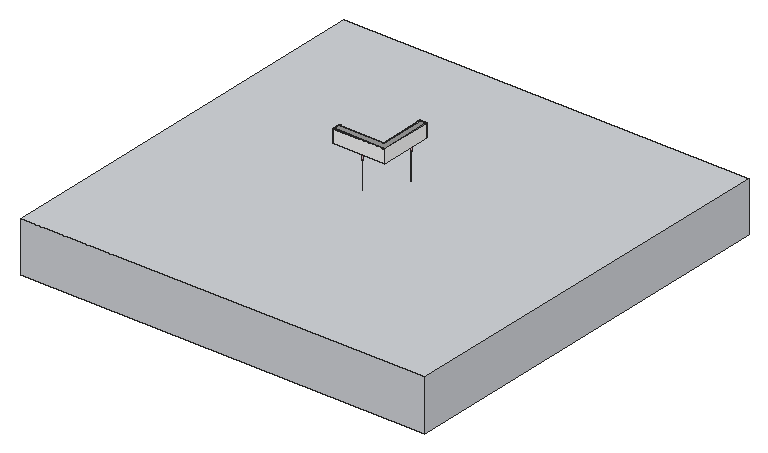
Revit family "LAMP_FIL 45 CORNER OPAL COMFORT SURFACE", category Luminarias, Revit 2018
Family settings
  Anfitrión = Cara
  Cota de conector redondo = Diámetro de uso
  Tipo de pieza = Normal
  Corte con vacíos al cargar = No
  Origen de luz = Sí
  Compartido = No
  Punto de cálculo de habitación = No
Parameters (values of type "1300LM 3000K  BLACK")
  Ángulo de inclinación = -90.00°
  Weight = 1.40 kg
  Wattage = 4.43 W
  Type = "MID POWER TRIDONIC"
  built-in parameter 1150107 = 3000 (stored number, unit not read)
  NOT COVER 2 [instance] = not(END COVER 2)  # no
  NOT COVER 1 [instance] = not(END COVER 1)  # no
  Indirect light = LAMP_FIL 45 CORNER OPAL COMFORT SURFACE_INDIRECT : 1300LM 3000K  BLACK
  END COVER 2 [instance] = yes
  END COVER 1 [instance] = yes
  Suspension distance [instance] = if(Suspension > 4000 mm, 4000 mm, if(Suspension < 1 mm, 1 mm, Suspension))  # 200 mm
  Suspension [instance] = 200 mm
  built-in parameter 1150110 = 1 (stored number, unit not read)
  built-in parameter 1150109 = 1 (stored number, unit not read)
  built-in parameter 1150112 = 1 (stored number, unit not read)
  built-in parameter 1150113 = 1 (stored number, unit not read)
  built-in parameter 1114218 = 1 (stored number, unit not read)
  Protection rating = "IP20 / IK07"
  Product datasheet = "http://www.lamp.es/product-files/TECH/F41SFCRMOPR830NB-EN.pdf"
  Product code = "F41SFCRMOPR830NB"
  Product URL = "https://www.lamp.es/en/family/fil-45_413951"
  Power Supply = "220-240V 50/60Hz"
  Power = 8 W
  Plum = 9.3 W
  Photobiological risk = ""
  built-in parameter 1150137 = (empty or 0)
  built-in parameter 1150132 = 2
  Modelo = Product code  # "F41SFCRMOPR830NB"
  Model Explanation = ""
  Material suspension = LAMP_Acero genérico
  Material perfil = LAMP_Aluminio Perfil Fil NG
  Material difusor = LAMP_PC Difusor Opal Fil
  Manufacturer name = "LAMP"
  Manufacturer country = "Spain"
  Manufacturer URL = "http://www.lamp.es/en"
  MacAdam = "3"
  Last update = "14/04/2021"
  Lamp = "MID-POWER LED"
  LED Lifetime = "70.000 L80 B10"
  built-in parameter 1150105 = 33.212 (stored number, unit not read)
  built-in parameter 1150102 = (empty or 0)
  Insulation class = "I"
  Installation instructions = "https://www.lamp.es/product-files/INS/1004580-C%20INSTR.%20FIL45.pdf"
  built-in parameter 1150106 = 0.33212 (stored number, unit not read)
  IEE = "A+"
  Gear = "Electronic"
  Lumens = 417.35 lm
  Finish = "Matte black RAL 9011"
  Color Filter = 16777215
  built-in parameter 1114217 = 1 (stored number, unit not read)
  built-in parameter 1150139 = (empty or 0)
  Fabricante = Manufacturer name  # "LAMP"
  Default Elevation = 1219.2 mm
  built-in parameter 1150104 = 8.7524 (stored number, unit not read)
  Efficacy = 89.77 lm/W
  Dimensions = "313x313"
  Descripción = "FIL45 CORNER SUR 1300 WW OP COMF BK."
  built-in parameter 1150115 = 1 (stored number, unit not read)
  built-in parameter 1150114 = 1 (stored number, unit not read)
  built-in parameter 1150138 = (empty or 0)
  built-in parameter 1150134 = 3
  Dimming Lamp Color Temperature Shift = (empty or 0)
  CRI = "80"
  Archivo de red fotométrica = "F41SFCRMOPR830NB.IES"
  built-in parameter 1150133 = 10 (stored number, unit not read)
Types (12, lengths in mm): name | built-in parameter 1150107 | Indirect light | Product datasheet | Product code | Plum | Modelo | Material perfil | built-in parameter 1150105 | built-in parameter 1150106 | Lumens | Finish | built-in parameter 1150104 | Efficacy | Descripción | Archivo de red fotométrica
  1300LM 3000K DALI BLACK | 3000 (stored number, unit not read) | LAMP_FIL 45 CORNER OPAL COMFORT SURFACE_INDIRECT : 1300LM 3000K  BLACK | "http://www.lamp.es/product-files/TECH/F41SFCRMOPR830DB-EN.pdf" | "F41SFCRMOPR830DB" | 9.6 W | "F41SFCRMOPR830DB" | LAMP_Aluminio Perfil Fil NG | 33.212 (stored number, unit not read) | 0.33212 (stored number, unit not read) | 417.35 lm | "Matte black RAL 9011" | 8.7524 (stored number, unit not read) | 86.96 lm/W | "FIL45 CORNER SUR 1300 WW OP COMF DALI BK" | "F41SFCRMOPR830NB.IES"
  1300LM 3000K DALI GREY | 3000 (stored number, unit not read) | LAMP_FIL 45 CORNER OPAL COMFORT SURFACE_INDIRECT : 1300LM 3000K  BLACK | "http://www.lamp.es/product-files/TECH/F41SFCRMOPR830DG-EN.pdf" | "F41SFCRMOPR830DG" | 9.6 W | "F41SFCRMOPR830DG" | LAMP_Aluminio Perfil Fil GR | 33.212 (stored number, unit not read) | 0.33212 (stored number, unit not read) | 417.35 lm | "Gloss grey" | 8.7524 (stored number, unit not read) | 86.96 lm/W | "FIL45 CORNER SUR 1300 WW OP COMF DALI GR" | "F41SFCRMOPR830NG.IES"
  1300LM 3000K DALI WHITE | 3000 (stored number, unit not read) | LAMP_FIL 45 CORNER OPAL COMFORT SURFACE_INDIRECT : 1300LM 3000K  BLACK | "http://www.lamp.es/product-files/TECH/F41SFCRMOPR830DW-EN.pdf" | "F41SFCRMOPR830DW" | 9.6 W | "F41SFCRMOPR830DW" | LAMP_Aluminio Perfil Fil BL | 33.212 (stored number, unit not read) | 0.33212 (stored number, unit not read) | 417.35 lm | "Matte white RAL 9010" | 8.7524 (stored number, unit not read) | 86.96 lm/W | "FIL45 CORNER SUR 1300 WW OP COMF DALI WH" | "F41SFCRMOPR830NW.IES"
  1300LM 3000K  BLACK | 3000 (stored number, unit not read) | LAMP_FIL 45 CORNER OPAL COMFORT SURFACE_INDIRECT : 1300LM 3000K  BLACK | "http://www.lamp.es/product-files/TECH/F41SFCRMOPR830NB-EN.pdf" | "F41SFCRMOPR830NB" | 9.3 W | "F41SFCRMOPR830NB" | LAMP_Aluminio Perfil Fil NG | 33.212 (stored number, unit not read) | 0.33212 (stored number, unit not read) | 417.35 lm | "Matte black RAL 9011" | 8.7524 (stored number, unit not read) | 89.77 lm/W | "FIL45 CORNER SUR 1300 WW OP COMF BK." | "F41SFCRMOPR830NB.IES"
  1300LM 3000K  GREY | 3000 (stored number, unit not read) | LAMP_FIL 45 CORNER OPAL COMFORT SURFACE_INDIRECT : 1300LM 3000K  BLACK | "http://www.lamp.es/product-files/TECH/F41SFCRMOPR830NG-EN.pdf" | "F41SFCRMOPR830NG" | 9.3 W | "F41SFCRMOPR830NG" | LAMP_Aluminio Perfil Fil GR | 33.212 (stored number, unit not read) | 0.33212 (stored number, unit not read) | 417.35 lm | "Gloss grey" | 8.7524 (stored number, unit not read) | 89.77 lm/W | "FIL45 CORNER SUR 1300 WW OP COMF GR." | "F41SFCRMOPR830NG.IES"
  1300LM 3000K  WHITE | 3000 (stored number, unit not read) | LAMP_FIL 45 CORNER OPAL COMFORT SURFACE_INDIRECT : 1300LM 3000K  BLACK | "http://www.lamp.es/product-files/TECH/F41SFCRMOPR830NW-EN.pdf" | "F41SFCRMOPR830NW" | 9.3 W | "F41SFCRMOPR830NW" | LAMP_Aluminio Perfil Fil BL | 33.212 (stored number, unit not read) | 0.33212 (stored number, unit not read) | 417.35 lm | "Matte white RAL 9010" | 8.7524 (stored number, unit not read) | 89.77 lm/W | "FIL45 CORNER SUR 1300 WW OP COMF WH." | "F41SFCRMOPR830NW.IES"
  1300LM 4000K DALI BLACK | 4000 (stored number, unit not read) | LAMP_FIL 45 CORNER OPAL COMFORT SURFACE_INDIRECT : 1300LM 4000K  BLACK | "http://www.lamp.es/product-files/TECH/F41SFCRMOPR840DB-EN.pdf" | "F41SFCRMOPR840DB" | 9.6 W | "F41SFCRMOPR840DB" | LAMP_Aluminio Perfil Fil NG | 34.854 (stored number, unit not read) | 0.34854 (stored number, unit not read) | 437.994 lm | "Matte black RAL 9011" | 9.1853 (stored number, unit not read) | 91.35 lm/W | "FIL45 CORNER SUR 1300 NW OP COMF DALI BK" | "F41SFCRMOPR840NB.IES"
  1300LM 4000K DALI GREY | 4000 (stored number, unit not read) | LAMP_FIL 45 CORNER OPAL COMFORT SURFACE_INDIRECT : 1300LM 4000K  BLACK | "http://www.lamp.es/product-files/TECH/F41SFCRMOPR840DG-EN.pdf" | "F41SFCRMOPR840DG" | 9.6 W | "F41SFCRMOPR840DG" | LAMP_Aluminio Perfil Fil GR | 34.854 (stored number, unit not read) | 0.34854 (stored number, unit not read) | 437.994 lm | "Gloss grey" | 9.1853 (stored number, unit not read) | 91.35 lm/W | "FIL45 CORNER SUR 1300 NW OP COMF DALI GR" | "F41SFCRMOPR840NG.IES"
  1300LM 4000K DALI WHITE | 4000 (stored number, unit not read) | LAMP_FIL 45 CORNER OPAL COMFORT SURFACE_INDIRECT : 1300LM 4000K  BLACK | "http://www.lamp.es/product-files/TECH/F41SFCRMOPR840DW-EN.pdf" | "F41SFCRMOPR840DW" | 9.6 W | "F41SFCRMOPR840DW" | LAMP_Aluminio Perfil Fil BL | 34.854 (stored number, unit not read) | 0.34854 (stored number, unit not read) | 437.994 lm | "Matte white RAL 9010" | 9.1853 (stored number, unit not read) | 91.35 lm/W | "FIL45 CORNER SUR 1300 NW OP COMF DALI WH" | "F41SFCRMOPR840NW.IES"
  1300LM 4000K  BLACK | 4000 (stored number, unit not read) | LAMP_FIL 45 CORNER OPAL COMFORT SURFACE_INDIRECT : 1300LM 4000K  BLACK | "http://www.lamp.es/product-files/TECH/F41SFCRMOPR840NB-EN.pdf" | "F41SFCRMOPR840NB" | 9.3 W | "F41SFCRMOPR840NB" | LAMP_Aluminio Perfil Fil NG | 34.854 (stored number, unit not read) | 0.34854 (stored number, unit not read) | 437.994 lm | "Matte black RAL 9011" | 9.1853 (stored number, unit not read) | 94.3 lm/W | "FIL45 CORNER SUR 1300 NW OP COMF BK." | "F41SFCRMOPR840NB.IES"
  1300LM 4000K  GREY | 4000 (stored number, unit not read) | LAMP_FIL 45 CORNER OPAL COMFORT SURFACE_INDIRECT : 1300LM 4000K  BLACK | "http://www.lamp.es/product-files/TECH/F41SFCRMOPR840NG-EN.pdf" | "F41SFCRMOPR840NG" | 9.3 W | "F41SFCRMOPR840NG" | LAMP_Aluminio Perfil Fil GR | 34.854 (stored number, unit not read) | 0.34854 (stored number, unit not read) | 437.994 lm | "Gloss grey" | 9.1853 (stored number, unit not read) | 94.3 lm/W | "FIL45 CORNER SUR 1300 NW OP COMF GR." | "F41SFCRMOPR840NG.IES"
  1300LM 4000K  WHITE | 4000 (stored number, unit not read) | LAMP_FIL 45 CORNER OPAL COMFORT SURFACE_INDIRECT : 1300LM 4000K  BLACK | "http://www.lamp.es/product-files/TECH/F41SFCRMOPR840NW-EN.pdf" | "F41SFCRMOPR840NW" | 9.3 W | "F41SFCRMOPR840NW" | LAMP_Aluminio Perfil Fil BL | 34.854 (stored number, unit not read) | 0.34854 (stored number, unit not read) | 437.994 lm | "Matte white RAL 9010" | 9.1853 (stored number, unit not read) | 94.3 lm/W | "FIL45 CORNER SUR 1300 NW OP COMF WH." | "F41SFCRMOPR840NW.IES"
Reference planes
  plane 1 "Centro (Frontal/Posterior)": y = 0
  plane 2: z = 0
  plane 3 "Centro (Izquierda/Derecha)": x = 0
Forms (mm)
  Extrusion 1, solid
    sketch origin (0, 0, 0) x (1, 0, 0) y (0, 1, 0)
      loop
        line (-1219.2, 1219.2) -> (-1219.2, -1219.2) -> (1219.2, -1219.2) -> (1219.2, 1219.2) -> (-1219.2, 1219.2)
    from 0 to -304.8
  Extrusion 2, solid, material "LAMP_Acero genérico" <- "Material suspension"
    sketch origin (-517.823, 0, 0) x (0, -1, 0) y (0, 0, 1)
      loop
        line (-12.5, 201) -> (-15.291, 208.272) -> (-12.823, 210) -> (-13.823, 210) -> (-16.291, 208.272) -> (-13.116, 200) -> (0, 200) -> (13.116, 200) -> (16.291, 208.272) -> (13.823, 210) -> (12.823, 210) -> (15.291, 208.272) -> (12.5, 201) -> (0, 201) -> (-12.5, 201)
    from -400 to -378
  Extrusion 3, solid, material "LAMP_Acero genérico" <- "Material suspension"
    sketch origin (0, 570, 0) x (1, 0, 0) y (0, 1, 0)
      loop
        circle (0, -365) r 5
    from 163.2 to 200
  Extrusion 4, solid, material "LAMP_Acero genérico" <- "Material suspension"
    sketch origin (-128.823, -365, 0) x (1, 0, 0) y (0, 1, 0)
      loop
        circle (0, 365) r 5
    from 163.2 to 200
  Extrusion 5, solid, material "LAMP_Acero genérico" <- "Material suspension"
    sketch origin (0, 594, 0) x (1, 0, 0) y (0, 1, 0)
      loop
        circle (0, -389) r 1
    from 0 to 163.2
  Extrusion 6, solid, material "LAMP_Acero genérico" <- "Material suspension"
    sketch origin (-128.823, -389, 0) x (1, 0, 0) y (0, 1, 0)
      loop
        circle (0, 389) r 1
    from 0 to 163.2
  Extrusion 7, solid, material "LAMP_Acero genérico" <- "Material suspension"
    sketch origin (0, 594, 0) x (1, 0, 0) y (0, 0, -1)
      loop
        line (-12.5, -201) -> (0, -201) -> (12.5, -201) -> (15.291, -208.272) -> (12.823, -210) -> (13.823, -210) -> (16.291, -208.272) -> (13.116, -200) -> (0, -200) -> (-13.116, -200) -> (-16.291, -208.272) -> (-13.823, -210) -> (-12.823, -210) -> (-15.291, -208.272) -> (-12.5, -201)
    from -400 to -378
  Sweep 8, solid, material "LAMP_Aluminio Perfil Fil NG" <- "Material perfil"
    path origin (0, 0, 0) x (1, 0, 0) y (0, 1, 0)
      loop
        line (-290.5, 0) -> (0, 0) -> (0, 290.5)
    profile origin (-145.25, 0, 0) x (0, 1, 0) y (0, 0, 1)
      loop
        arc (22.5, 285.7) -> (21.5, 286.7) -> (20.5, 285.7) r 1
        line (20.5, 285.7) -> (20.5, 284.2) -> (17.8, 284.2) -> (17.8, 259) -> (0, 259) -> (-17.8, 259) -> (-17.8, 284.2) -> (-20.5, 284.2) -> (-20.5, 285.7)
        arc (-20.5, 285.7) -> (-21.5, 286.7) -> (-22.5, 285.7) r 1
        line (-22.5, 285.7) -> (-22.5, 206.5) -> (-20.7, 206.5) -> (-20.7, 210) -> (-12.5, 210) -> (-12.5, 208) -> (-14.8, 208) -> (-14.5, 206.5) -> (-11, 206.5) -> (-11, 214.5) -> (11, 214.5) -> (11, 206.5) -> (14.5, 206.5) -> (14.8, 208) -> (12.5, 208) -> (12.5, 210) -> (20.7, 210) -> (20.7, 206.5) -> (22.5, 206.5) -> (22.5, 285.7)
  Sweep 9, solid, material "LAMP_PC Difusor Opal Fil" <- "Material difusor"
    path origin (0, 0, 0) x (1, 0, 0) y (0, 1, 0)
      loop
        line (-290.5, 0) -> (0, 0) -> (0, 290.5)
    profile origin (-145.25, 0, 0) x (0, 1, 0) y (0, 0, 1)
      loop
        line (-20.505, 284.2) -> (-0.005, 284.2) -> (20.495, 284.2) -> (20.495, 286.7) -> (-0.005, 286.7) -> (-20.505, 286.7) -> (-20.505, 284.2)
  Sweep 10, solid, material "LAMP_PC Difusor Opal Fil" <- "Material difusor"
    path origin (0, 0, 0) x (1, 0, 0) y (0, 1, 0)
      loop
        line (-290.5, 0) -> (0, 0) -> (0, 290.5)
    profile origin (-145.25, 0, 0) x (0, 1, 0) y (0, 0, 1)
      loop
        line (-11, 214.5) -> (-11, 206.5) -> (-7.529, 206.5) -> (11, 206.5) -> (11, 214.5) -> (10, 214.5) -> (10, 207.5) -> (-10, 207.5) -> (-10, 214.5) -> (-11, 214.5)
Lines and regions (mm)
  reference lines
    curve 1: line (0, -445.47, 200) -> (0, 544.53, 200)
    curve 2: line (0, -175.247, 290.988) -> (0, 469.753, 290.988)
  model lines
    curve 3: line (-290.5, 0, 286.7) -> (21.5, 0, 286.7)
Text (mm)
  text "Any modification of the parameters and properties of the LAMP BIM models must be executed and validated by the LAMP technical department.\nPhone: +34 93 736 68 00\nE-mail: lamp@lamp.es\n\nLAMP reserves the right to modify the technical specifications of its products." at (3279.264, 5298.162, -2684.539), in view "Preview"
Dimensions and locks
  "Suspension distance": level to curve 1
  locked: Extrusion 3 to Extrusion 3 at 36.8
  locked: Extrusion 4 to Extrusion 4 at 36.8
  locked: Sweep 9 to curve 2 at 4.288
  aligned and locked: plane 2 to Extrusion 1
  aligned and locked: level to Extrusion 1
  aligned and locked: curve 1 to Extrusion 7
  aligned and locked: curve 1 to Extrusion 2
  aligned and locked: Extrusion 3 to curve 1
  aligned and locked: Extrusion 4 to curve 1
  aligned and locked: Extrusion 5 to Extrusion 3
  aligned and locked: Extrusion 6 to Extrusion 4
  aligned and locked: Sweep 8 to Extrusion 2
  aligned and locked: Sweep 8 to Sweep 9
  aligned and locked: Sweep 10 to Sweep 8
  aligned and locked: imposter light to curve 2
  aligned and locked: nested 1 to Sweep 8
  aligned and locked: nested 2 to Sweep 8
Automatic sketch dimensions
  Extrusion 1 sketch curve to Extrusion 1 sketch curve = 2438.4 mm  (x2)
  Extrusion 3 sketch curve to plane 3 "Centro (Izquierda/Derecha)" = 0 mm
  Extrusion 3 sketch curve to plane 1 "Centro (Frontal/Posterior)" = 205 mm
  plane 3 "Centro (Izquierda/Derecha)" to Extrusion 4 sketch curve = 128.823 mm
  Extrusion 4 sketch curve to plane 1 "Centro (Frontal/Posterior)" = 0 mm
  Extrusion 5 sketch curve to plane 3 "Centro (Izquierda/Derecha)" = 0 mm
  Extrusion 5 sketch curve to plane 1 "Centro (Frontal/Posterior)" = 205 mm
  plane 3 "Centro (Izquierda/Derecha)" to Extrusion 6 sketch curve = 128.823 mm
  Extrusion 6 sketch curve to plane 1 "Centro (Frontal/Posterior)" = 0 mm
  Extrusion 7 sketch curve to plane 3 "Centro (Izquierda/Derecha)" = 0 mm  (x2)
  Extrusion 7 sketch curve to Extrusion 7 sketch curve = 12.5 mm
  Extrusion 7 sketch curve to Extrusion 7 sketch curve = 0.323 mm  (x2)
  Extrusion 7 sketch curve to Extrusion 7 sketch curve = 0.616 mm  (x2)
  Extrusion 7 sketch curve to Extrusion 7 sketch curve = 1 mm  (x5)
  Extrusion 7 sketch curve to Extrusion 7 sketch curve = 1.468 mm  (x2)
  plane 3 "Centro (Izquierda/Derecha)" to Extrusion 7 sketch curve = 12.5 mm
  level to Extrusion 7 sketch curve = 210 mm
  Extrusion 7 sketch curve to Extrusion 7 sketch curve = 0 mm  (x3)
  Extrusion 7 sketch curve to Extrusion 7 sketch curve = 1.728 mm  (x2)
  Extrusion 7 sketch curve to Extrusion 7 sketch curve = 7.272 mm
  Extrusion 2 sketch curve to plane 1 "Centro (Frontal/Posterior)" = 16.291 mm
  Extrusion 2 sketch curve to Extrusion 2 sketch curve = 1 mm  (x5)
  Extrusion 2 sketch curve to Extrusion 2 sketch curve = 1.468 mm  (x2)
  level to Extrusion 2 sketch curve = 200 mm
  Extrusion 2 sketch curve to Extrusion 2 sketch curve = 2.175 mm
  Extrusion 2 sketch curve to Extrusion 2 sketch curve = 0.616 mm  (x2)
  Extrusion 2 sketch curve to Extrusion 2 sketch curve = 12.5 mm  (x2)
  Extrusion 2 sketch curve to Extrusion 2 sketch curve = 0 mm  (x3)
  Extrusion 2 sketch curve to Extrusion 2 sketch curve = 0.323 mm
  Extrusion 2 sketch curve to Extrusion 2 sketch curve = 7.272 mm  (x2)
  Extrusion 2 sketch curve to Extrusion 2 sketch curve = 1.728 mm  (x2)
  Sweep 8 sketch curve to plane 3 "Centro (Izquierda/Derecha)" = 0 mm
  Sweep 8 sketch curve to plane 1 "Centro (Frontal/Posterior)" = 0 mm
  Sweep 8 sketch curve to Sweep 8 sketch curve = 290.5 mm  (x2)
  profile plane to Sweep 8 sketch curve = 22.5 mm
  Sweep 8 sketch curve to Sweep 8 sketch curve = 1 mm  (x2)
  Sweep 8 sketch curve to Sweep 8 sketch curve = 1.8 mm
  Sweep 8 sketch curve to Sweep 8 sketch curve = 2.7 mm  (x2)
  Sweep 8 sketch curve to Sweep 8 sketch curve = 5.9 mm  (x2)
  Sweep 8 sketch curve to Sweep 8 sketch curve = 0.3 mm  (x2)
  Sweep 8 sketch curve to Sweep 8 sketch curve = 2.3 mm
  Sweep 8 sketch curve to Sweep 8 sketch curve = 1.5 mm  (x6)
  Sweep 8 sketch curve to Sweep 8 sketch curve = 17.8 mm  (x2)
  Sweep 8 sketch curve to Sweep 8 sketch curve = 22 mm
  Sweep 8 sketch curve to Sweep 8 sketch curve = 2 mm  (x2)
  level to Sweep 8 sketch curve = 206.5 mm
  Sweep 8 sketch curve to Sweep 8 sketch curve = 0 mm  (x3)
  Sweep 8 sketch curve to Sweep 8 sketch curve = 3.5 mm
  Sweep 8 sketch curve to Sweep 8 sketch curve = 4.5 mm
  Sweep 8 sketch curve to Sweep 8 sketch curve = 44.5 mm
  Sweep 8 sketch curve to Sweep 8 sketch curve = 25.2 mm  (x2)
  plane 1 "Centro (Frontal/Posterior)" to Sweep 9 sketch curve = 0 mm
  Sweep 9 sketch curve to plane 3 "Centro (Izquierda/Derecha)" = 0 mm
  Sweep 9 sketch curve to Sweep 9 sketch curve = 290.5 mm  (x2)
  profile plane to Sweep 9 sketch curve = 20.505 mm
  Sweep 9 sketch curve to Sweep 9 sketch curve = 20.5 mm
  Sweep 9 sketch curve to Sweep 9 sketch curve = 0 mm
  Sweep 9 sketch curve to profile plane = 20.495 mm
  level to Sweep 9 sketch curve = 284.2 mm
  Sweep 9 sketch curve to Sweep 9 sketch curve = 2.5 mm
  plane 1 "Centro (Frontal/Posterior)" to Sweep 10 sketch curve = 0 mm
  Sweep 10 sketch curve to plane 3 "Centro (Izquierda/Derecha)" = 0 mm
  Sweep 10 sketch curve to Sweep 10 sketch curve = 290.5 mm  (x2)
  profile plane to Sweep 10 sketch curve = 11 mm
  Sweep 10 sketch curve to Sweep 10 sketch curve = 1 mm  (x3)
  Sweep 10 sketch curve to Sweep 10 sketch curve = 2.471 mm
  Sweep 10 sketch curve to profile plane = 10 mm
  level to Sweep 10 sketch curve = 206.5 mm
  Sweep 10 sketch curve to Sweep 10 sketch curve = 7 mm  (x2)
  plane 3 "Centro (Izquierda/Derecha)" to curve 3 = 21.5 mm
  level to curve 3 = 286.7 mm
  curve 3 to plane 3 "Centro (Izquierda/Derecha)" = 290.5 mm
  plane 1 "Centro (Frontal/Posterior)" to curve 1 = 445.47 mm
  plane 1 "Centro (Frontal/Posterior)" to curve 2 = 175.247 mm
  curve 2 to plane 1 "Centro (Frontal/Posterior)" = 469.753 mm
  curve 2 to curve 1 = 74.776 mm
  curve 1 to curve 2 = 90.988 mm
  radius of Extrusion 3 sketch curve = 5 mm
  radius of Extrusion 4 sketch curve = 5 mm
  radius of Extrusion 5 sketch curve = 1 mm
  radius of Extrusion 6 sketch curve = 1 mm
Nested families
  nested 1: "LAMP_FIL 45 END COVER SURFACE" at (0, 291.5, 206.5), visible <- "END COVER 2", type "LAMP_FIL 45 END COVER SURFACE"
  nested 2: "LAMP_FIL 45 END COVER SURFACE" at (-291.5, 0, 206.5) x (0, 1, 0) z (0, 0, 1), visible <- "END COVER 1", type "LAMP_FIL 45 END COVER SURFACE"
  nested 3: "LAMP_FIL 45 CORNER OPAL COMFORT SURFACE_INDIRECT" at (-134.5, -3.753, -1209.012), type "1300LM 3000K  BLACK"
Connectors
  electrical at (-128.823, 0, 200)
    settings: on Extrusion 4, index 1, voltage 230 V, apparent load 0 VA, apparent load phase1 0 VA, apparent load phase2 0 VA, apparent load phase3 0 VA, power factor 1, load classification "Otro", number of poles 1, system type 31, power factor state 1, is connector primary yes, connector utility no, sub classification motor no, connector description ""
Definition of nested family "LAMP_FIL 45 END COVER SURFACE"
  Parameters (values of type "Blanco")
    Material tapa = none
  Reference planes
    plane 1 "Centro (Frontal/Posterior)": y = 0
    plane 2: z = 0
    plane 3 "Centro (Izquierda/Derecha)": x = 0
  Forms (mm)
    Extrusion 1, solid, material <- "Material tapa"
      sketch origin (0, 0, 0) x (0, -1, 0) y (0, 0, 1)
        loop
          line (0, 0) -> (1, 0) -> (1, 80) -> (-1, 80) -> (-1, 0) -> (0, 0)
      from -22.5 to 22.5
  Dimensions and locks
    aligned and locked: level to plane 2
Definition of nested family "LAMP_FIL 45 CORNER OPAL COMFORT SURFACE_INDIRECT"
  Parameters (values of type "1300LM 3000K  BLACK")
    Tilt Angle = -90.00°
    Wattage = 4.43 W
    built-in parameter 1150110 = 1 (stored number, unit not read)
    built-in parameter 1114217 = 1 (stored number, unit not read)
    built-in parameter 1150109 = 1 (stored number, unit not read)
    built-in parameter 1150134 = (empty or 0)
    built-in parameter 1150113 = 1 (stored number, unit not read)
    Lumens = 417.35 lm
    built-in parameter 1150115 = 1 (stored number, unit not read)
    built-in parameter 1150105 = 158.76 (stored number, unit not read)
    built-in parameter 1150137 = (empty or 0)
    built-in parameter 1150139 = (empty or 0)
    built-in parameter 1150112 = 1 (stored number, unit not read)
    built-in parameter 1150114 = 1 (stored number, unit not read)
    built-in parameter 1150132 = 2
    built-in parameter 1150102 = (empty or 0)
    built-in parameter 1150138 = (empty or 0)
    built-in parameter 1150107 = 3000 (stored number, unit not read)
    built-in parameter 1150106 = 1.5876 (stored number, unit not read)
    built-in parameter 1150104 = 8.7524 (stored number, unit not read)
    Dimming Lamp Color Temperature Shift = (empty or 0)
    Color Filter = 16777215
    built-in parameter 1114218 = 1 (stored number, unit not read)
    Photometric Web File = "F41SF084MOPR830NB.IES"
    built-in parameter 1150133 = 10 (stored number, unit not read)
  Types (3, lengths in mm): name | built-in parameter 1150134 | Lumens | built-in parameter 1150105 | built-in parameter 1150107 | built-in parameter 1150106 | built-in parameter 1150104 | Photometric Web File
    (no name) | (empty or 0) | 417.35 lm | 158.76 (stored number, unit not read) | 3000 (stored number, unit not read) | 1.5876 (stored number, unit not read) | 8.7524 (stored number, unit not read) | "F41SF084MOPR830NB.IES"
    1300LM 3000K  BLACK | (empty or 0) | 417.35 lm | 158.76 (stored number, unit not read) | 3000 (stored number, unit not read) | 1.5876 (stored number, unit not read) | 8.7524 (stored number, unit not read) | "F41SF084MOPR830NB.IES"
    1300LM 4000K  BLACK | 12 | 437.994 lm | 166.61 (stored number, unit not read) | 4000 (stored number, unit not read) | 1.6661 (stored number, unit not read) | 9.1853 (stored number, unit not read) | "F41SF084MOPR840NB.IES"
  Reference planes
    plane 1 "Eje de origen de luz (F/P)": y = 0
    plane 2: z = 0
    plane 3 "Eje de origen de luz (I/D)": x = 0
    plane 4 "Elevación de origen de luz": z = 1500
  Dimensions and locks
    aligned and locked: plane 3 "Eje de origen de luz (I/D)" to imposter light
    aligned and locked: plane 1 "Eje de origen de luz (F/P)" to imposter light
    aligned and locked: plane 4 "Elevación de origen de luz" to imposter light
    aligned and locked: level to plane 2
